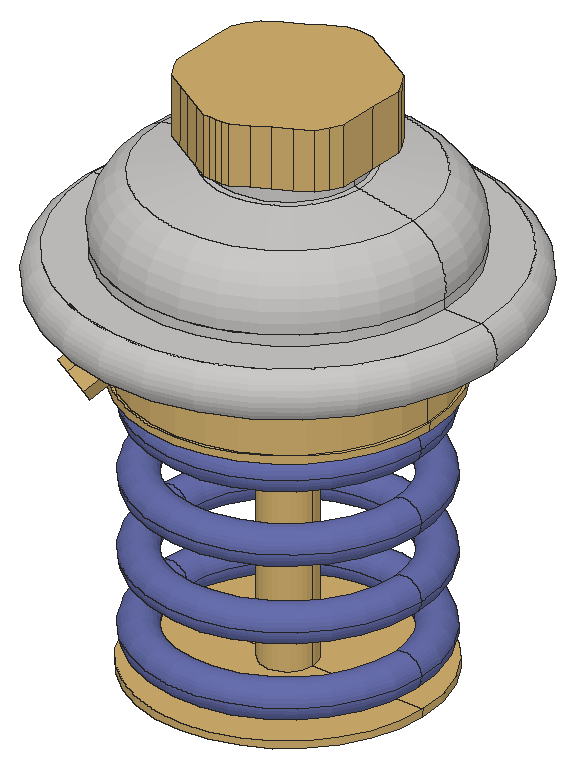
Revit family "AVA_AVD_Actuator_PN25_RFA_1", category Pipe Accessories, Revit 2019
Family settings
  Round Connector Dimension = Use Diameter
  Part Type = Normal
  OmniClass Number = 23.65.55.14.17
  OmniClass Title = Adjusting/Controlling Valves for Liquid Services
  Work Plane-Based = No
  Always vertical = Yes
  Cut with Voids When Loaded = No
  Shared = No
Parameters (values of type "AVA_AVD_Actuator_PN25_dP1-5bar_003H6844")
  W = L  # 125 mm
  L = 125 mm  # constant formula
  IfcExportType = "AVA_AVD_Actuator"  # constant formula
  IfcExportAs = "IfcValveType"  # constant formula
  Higher dP_LOD 200 [instance] = if(and(LOD 200, Higher dP), 1 = 1, 1 = 0)  # no
  Higher dP = no
  Lower dP_LOD 350 [instance] = if(and(LOD 350, Lower dP), 1 = 1, 1 = 0)  # yes
  Lower dP = yes
  Higher dP_LOD 350 [instance] = if(and(LOD 350, Higher dP), 1 = 1, 1 = 0)  # no
  URL = "https://store.danfoss.com/en/search/?q=003H684%3Arelevance%3Adanfoss_a50311485896%3ATA6_2941856&text=003H684"
  Spring Colour = Danfoss Steel Paint Blue (Spring)
  Nominal Pressure = "PN 25"  # constant formula
  Model Type = "AVA_AVD_Actuator_PN25_dP1-5bar"
  Model = "003H6844"
  Manufacturer = "Danfoss"  # constant formula
  Lower dP_LOD 200 [instance] = if(and(LOD 200, Lower dP), 1 = 1, 1 = 0)  # no
  LOD 350 [instance] = not(LOD 200)  # yes
  LOD 200 [instance] = no
  H = 155.7 mm
  Differential Pressure Setting Range = "1-5 bar"
  Description = "Spring Actuator"  # constant formula
  Body Material = Danfoss Stainless Steel
  Actuator size = 54.0 cm²  # constant formula
Types (2, lengths in mm): name | Higher dP | Lower dP_LOD 350 | Lower dP | Higher dP_LOD 350 | Spring Colour | Model Type | Model | H | Differential Pressure Setting Range
  AVA_AVD_Actuator_PN25_dP1-5bar_003H6844 | no | yes | yes | no | Danfoss Steel Paint Blue (Spring) | "AVA_AVD_Actuator_PN25_dP1-5bar" | "003H6844" | 155.7 | "1-5 bar"
  AVA_AVD_Actuator_PN25_dP3-12bar_003H6845 | yes | no | no | yes | Danfoss Steel Paint Black (Spring) | "AVA_AVD_Actuator_PN25_dP3-12bar" | "003H6845" | 200.2 | "3-12 bar"
Reference planes
  plane 1 "Center (Front/Back)": y = 0
  plane 2: z = 0
  plane 3 "Center (Left/Right)": x = 0
  plane 4: through (-46.988, -1524, -65.521) normal (-0.6149, 0, 0.7886)
  plane 5: through (-56.101, -1524, -66.25) normal (-0.7886, 0, -0.6149)
  plane 6 "4": z = -86.2
  plane 7 "3": z = -106.2
  plane 8 "2": z = -126.96
  plane 9 "1": z = -147.261
  plane 10: z = -80.2
  plane 11: z = -155.7
  plane 12 "30": through (0, 0, 1200) normal (0.866, -0.5, 0)
  plane 13 "5": z = -167.261
  plane 14 "6": z = -193.261
  plane 15: z = -162.7
  plane 16: z = -168.6
  plane 17: z = -157.7
  plane 18 "60": through (0, 0, 1200) normal (0.5, 0.866, 0)
Forms (mm)
  Extrusion 1, solid, material "Danfoss Brass", visible <- "LOD 350", detail levels fine
    sketch origin (0, 0, 0) x (1, 0, 0) y (0, 1, 0)
      loop
        line (21.332, 16.552) -> (16.901, 19.11) -> (12.5, 21.651) -> (8.1, 24.191) -> (3.668, 26.75) -> (1.838, 26.937) -> (0, 27) -> (-1.838, 26.937) -> (-3.668, 26.75) -> (-8.099, 24.191) -> (-12.5, 21.651) -> (-16.9, 19.11) -> (-21.332, 16.552) -> (-23.383, 13.5) -> (-25, 10.198) -> (-25, 5.081) -> (-25, 0) -> (-25, -5.081) -> (-25, -10.198) -> (-23.383, -13.5) -> (-21.332, -16.552) -> (-16.901, -19.11) -> (-12.5, -21.651) -> (-8.1, -24.191) -> (-3.668, -26.75) -> (-1.838, -26.937) -> (0, -27) -> (1.838, -26.937) -> (3.668, -26.75) -> (8.099, -24.191) -> (12.5, -21.651) -> (16.9, -19.11) -> (21.332, -16.552) -> (23.383, -13.5) -> (25, -10.198) -> (25, 0.539) -> (25, 10.198) -> (23.383, 13.5) -> (21.332, 16.552)
    from -16.5 to 0
  Revolve 2, solid, material "Danfoss Stainless Steel" <- "Body Material", visible <- "LOD 350", detail levels fine
    sketch origin (0, 0, 0) x (1, 0, 0) y (0, 0, 1)
      loop
        line (0, -16.5) -> (0, -59.751) -> (57.927, -59.751)
        arc (57.927, -59.751) -> (62.596, -52.975) -> (57.927, -46.2) r 7.251
        line (57.927, -46.2) -> (46.846, -46.2) -> (46.846, -43.372)
        arc (46.846, -43.372) -> (45.469, -32.934) -> (37.834, -25.685) r 15.784
        line (37.834, -25.685) -> (21.552, -22.814) -> (20.005, -22.7) -> (20.005, -16.5) -> (0, -16.5)
      axis (0, -59.751) -> (0, -16.5)
    angle from 0 to 360
  Extrusion 3, solid, material "Danfoss Brass", visible <- "LOD 200", detail levels fine
    sketch origin (0, 0, 0) x (1, 0, 0) y (0, 1, 0)
      loop
        circle (0, 0) r 25
    from -16.5 to 0
  Extrusion 4, solid, material "Danfoss Steel Paint Blue (Spring)" <- "Spring Colour", visible <- "LOD 200", detail levels fine
    sketch origin (0, 0, 0) x (1, 0, 0) y (0, 1, 0)
      loop
        circle (0, 0) r 40
    from -155.7 to -80.2
  Revolve 5, solid, material "Danfoss Stainless Steel" <- "Body Material", visible <- "LOD 200", detail levels fine
    sketch origin (0, 0, 0) x (1, 0, 0) y (0, 0, 1)
      loop
        line (0, -16.5) -> (0, -59.7) -> (62.546, -59.7) -> (62.546, -46.143) -> (46.526, -46.143) -> (46.526, -35.139) -> (37.103, -25.715) -> (20.005, -22.7) -> (20.005, -16.5) -> (0, -16.5)
      axis (0, -16.5) -> (0, -59.7)
    angle from 0 to 360
  Revolve 6, solid, material "Danfoss Brass", visible <- "LOD 350", detail levels fine
    sketch origin (0, 0, 0) x (1, 0, 0) y (0, 0, 1)
      loop
        line (52.322, -59.751) -> (0, -59.751) -> (0, -80.2) -> (42.64, -80.2) -> (42.64, -78.2) -> (41.844, -78.2) -> (41.844, -66.843) -> (42.341, -65.477) -> (52.322, -59.751)
      axis (0, -59.751) -> (0, -80.2)
    angle from 0 to 360
  Revolve 7, solid, material "Danfoss Brass", detail levels fine
    sketch origin (0, 0, 0) x (1, 0, 0) y (0, 0, 1)
      loop
        line (0, -157.7) -> (40.5, -157.7) -> (40.5, -155.7) -> (7.398, -155.7) -> (7.398, -80.2) -> (0, -80.2) -> (0, -157.7)
      axis (0, -80.2) -> (0, -157.7)
    angle from 0 to 360
  Sweep 8, solid, material "Danfoss Steel Paint Blue (Spring)" <- "Spring Colour", visible <- "LOD 350", detail levels fine
    path origin (0, 0, -147.261) x (-1, 0, 0) y (0, -1, 0)
      loop
        circle (0, 0) r 35
    profile origin (0, 35, -147.261) x (0, -1, 0) y (0, 0, 1)
      loop
        circle (0, 0) r 5
  Sweep 9, solid, material "Danfoss Steel Paint Blue (Spring)" <- "Spring Colour", visible <- "LOD 350", detail levels fine
    path origin (0, 0, -126.96) x (-1, 0, 0) y (0, -1, 0)
      loop
        circle (0, 0) r 35
    profile origin (0, 35, -126.96) x (0, -1, 0) y (0, 0, 1)
      loop
        circle (0, 0) r 5
  Sweep 10, solid, material "Danfoss Steel Paint Blue (Spring)" <- "Spring Colour", visible <- "LOD 350", detail levels fine
    path origin (0, 0, -106.2) x (-1, 0, 0) y (0, -1, 0)
      loop
        circle (0, 0) r 35
    profile origin (0, 35, -106.2) x (0, -1, 0) y (0, 0, 1)
      loop
        circle (0, 0) r 5
  Sweep 11, solid, material "Danfoss Steel Paint Blue (Spring)" <- "Spring Colour", visible <- "LOD 350", detail levels fine
    path origin (0, 0, -86.2) x (-1, 0, 0) y (0, -1, 0)
      loop
        circle (0, 0) r 35
    profile origin (0, 35, -86.2) x (0, -1, 0) y (0, 0, 1)
      loop
        circle (0, 0) r 5
  Revolve 12, solid, material "Danfoss Brass", visible <- "LOD 200", detail levels fine
    sketch origin (0, 0, 0) x (1, 0, 0) y (0, 0, 1)
      loop
        line (52.322, -59.751) -> (0, -59.751) -> (0, -80.2) -> (42.64, -80.2) -> (42.64, -78.2) -> (52.322, -59.751)
      axis (0, -59.751) -> (0, -80.2)
    angle from 0 to 360
  Sweep 13, solid, material "Danfoss Brass", visible <- "Lower dP_LOD 350", detail levels fine
    path origin (0, 0, 0) x (0.5, 0.866025, 0) y (0, 0, 1)
      loop
        line (-53.649, -70.733) -> (-37.434, -60.203)
    profile origin (-22.771, -39.44, -65.468) x (-0.27232, -0.471671, 0.838671) y (0.866025, -0.5, 0)
      loop
        line (0, 6.014) -> (-5.208, 3.007) -> (-5.208, -3.007) -> (0, -6.014) -> (5.208, -3.007) -> (5.208, 3.007) -> (0, 6.014)
  Sweep 14, solid, material "Danfoss Brass", visible <- "Lower dP_LOD 200", detail levels fine
    path origin (0, 0, 0) x (0.5, 0.866025, 0) y (0, 0, 1)
      loop
        line (-53.649, -70.733) -> (-37.434, -60.203)
    profile origin (-22.771, -39.44, -65.468) x (-0.27232, -0.471671, 0.838671) y (0.866025, -0.5, 0)
      loop
        circle (0, 0) r 6.5
  Sweep 15, solid, material "Danfoss Steel Paint Blue (Spring)" <- "Spring Colour", visible <- "Higher dP_LOD 350", detail levels fine
    path origin (0, 0, -167.261) x (-1, 0, 0) y (0, -1, 0)
      loop
        circle (0, 0) r 35
    profile origin (0, -35, -167.261) x (0, 1, 0) y (0, 0, 1)
      loop
        circle (0, 0) r 5
  Sweep 16, solid, material "Danfoss Steel Paint Blue (Spring)" <- "Spring Colour", visible <- "Higher dP_LOD 350", detail levels fine
    path origin (0, 0, -193.261) x (-1, 0, 0) y (0, -1, 0)
      loop
        circle (0, 0) r 35
    profile origin (0, -35, -193.261) x (0, 1, 0) y (0, 0, 1)
      loop
        circle (0, 0) r 5
  Extrusion 17, solid, material "Danfoss Brass", visible <- "Higher dP_LOD 350", detail levels fine
    sketch origin (0, 0, 0) x (1, 0, 0) y (0, 1, 0)
      loop
        line (-6.351, 11) -> (-12.702, 0) -> (-6.351, -11) -> (6.351, -11) -> (12.702, 0) -> (6.351, 11) -> (-6.351, 11)
    from -162.7 to -157.7
  Extrusion 18, solid, material "Danfoss Brass", visible <- "Higher dP", detail levels fine
    sketch origin (0, 0, 0) x (1, 0, 0) y (0, 1, 0)
      loop
        circle (0, 0) r 5.003
    from -168.6 to -162.7
  Sweep 19, solid, material "Danfoss Brass", visible <- "Higher dP_LOD 200", detail levels fine
    path origin (0, 0, 0) x (-0.866025, 0.5, 0) y (0, 0, 1)
      loop
        line (-70.072, -82.149) -> (-48.629, -66.57)
    profile origin (51.399, -29.675, -74.36) x (0.509037, -0.293893, 0.809017) y (0.5, 0.866025, 0)
      loop
        circle (0, 0) r 6.668
  Sweep 20, solid, material "Danfoss Brass", visible <- "Higher dP_LOD 350", detail levels fine
    path origin (0, 0, 0) x (-0.866025, 0.5, 0) y (0, 0, 1)
      loop
        line (-70.122, -82.077) -> (-64.797, -78.349)
    profile origin (58.422, -33.73, -80.213) x (0.496732, -0.286788, 0.819152) y (0.5, 0.866025, 0)
      loop
        line (6.138, 1.645) -> (1.645, 6.138) -> (-4.493, 4.493) -> (-6.138, -1.645) -> (-1.645, -6.138) -> (4.493, -4.493) -> (6.138, 1.645)
  Sweep 21, solid, material "Danfoss Brass", visible <- "Higher dP_LOD 350", detail levels fine
    path origin (0, 0, 0) x (-0.866025, 0.5, 0) y (0, 0, 1)
      loop
        line (-64.797, -78.349) -> (-57.055, -72.928)
    profile origin (52.764, -30.463, -75.638) x (0.496732, -0.286788, 0.819152) y (0.5, 0.866025, 0)
      loop
        line (6.606, 1.525) -> (1.982, 6.483) -> (-4.624, 4.958) -> (-6.606, -1.525) -> (-1.982, -6.483) -> (4.624, -4.958) -> (6.606, 1.525)
  Sweep 22, solid, material "Danfoss Brass", visible <- "Higher dP_LOD 350", detail levels fine
    path origin (0, 0, 0) x (-0.866025, 0.5, 0) y (0, 0, 1)
      loop
        line (-57.055, -72.928) -> (-54.03, -70.809)
    profile origin (48.101, -27.771, -71.869) x (0.496732, -0.286788, 0.819152) y (0.5, 0.866025, 0)
      loop
        circle (0, 0) r 4.5
  Sweep 23, solid, material "Danfoss Brass", visible <- "Higher dP_LOD 350", detail levels fine
    path origin (0, 0, 0) x (-0.866025, 0.5, 0) y (0, 0, 1)
      loop
        line (-54.33, -70.632) -> (-51.094, -68.281)
    profile origin (45.65, -26.356, -69.457) x (0.509037, -0.293893, 0.809017) y (0.5, 0.866025, 0)
      loop
        line (7.433, 1.716) -> (2.23, 7.295) -> (-5.202, 5.579) -> (-7.433, -1.716) -> (-2.23, -7.295) -> (5.202, -5.579) -> (7.433, 1.716)
  Sweep 24, solid, material "Danfoss Brass", visible <- "Higher dP_LOD 350", detail levels fine
    path origin (0, 0, 0) x (-0.866025, 0.5, 0) y (0, 0, 1)
      loop
        line (-51.094, -68.281) -> (-39.634, -60.838)
    profile origin (39.286, -22.682, -64.56) x (0.471671, -0.27232, 0.838671) y (0.5, 0.866025, 0)
      loop
        circle (0, 1.169) r 7
  Extrusion 25, solid, material "Danfoss Brass", visible <- "Higher dP_LOD 200", detail levels fine
    sketch origin (0, 0, -193.261) x (-1, 0, 0) y (0, -1, 0)
      loop
        circle (0, 0) r 12.702
    from 30.561 to 35.561
Dimensions and locks
  locked: plane 10 to plane 6 "4" at 6
  "H": level to plane 11
  locked: plane 11 to plane 15 at 7
  locked: plane 11 to plane 16 at 12.9
  locked: plane 11 to plane 17 at 2
  radius of Extrusion 25 sketch curve = 12.702 mm
  aligned and locked: level to plane 2
  aligned and locked: Extrusion 4 to plane 10
  aligned and locked: plane 11 to Extrusion 4
  aligned and locked: plane 17 to Extrusion 17
  aligned and locked: Extrusion 17 to plane 15
  aligned and locked: Extrusion 18 to plane 16
  aligned and locked: plane 15 to Extrusion 18
  aligned and locked: plane 3 "Center (Left/Right)" to Extrusion 25 sketch curve
  aligned and locked: plane 1 "Center (Front/Back)" to Extrusion 25 sketch curve
  aligned and locked: Extrusion 25 to Extrusion 17
  aligned and locked: plane 17 to Extrusion 25
Automatic sketch dimensions
  plane 1 "Center (Front/Back)" to Extrusion 1 sketch curve = 0 mm
  Extrusion 1 sketch curve to plane 3 "Center (Left/Right)" = 0 mm  (x2)
  Extrusion 1 sketch curve to plane 3 "Center (Left/Right)" = 1.838 mm  (x2)
  Extrusion 1 sketch curve to Extrusion 1 sketch curve = 1.83 mm  (x4)
  Extrusion 1 sketch curve to Extrusion 1 sketch curve = 4.431 mm  (x4)
  Extrusion 1 sketch curve to Extrusion 1 sketch curve = 4.401 mm  (x3)
  Extrusion 1 sketch curve to Extrusion 1 sketch curve = 8.832 mm  (x2)
  Extrusion 1 sketch curve to Extrusion 1 sketch curve = 2.051 mm  (x4)
  Extrusion 1 sketch curve to Extrusion 1 sketch curve = 1.617 mm  (x2)
  plane 3 "Center (Left/Right)" to Extrusion 1 sketch curve = 1.838 mm  (x2)
  Extrusion 1 sketch curve to Extrusion 1 sketch curve = 4.432 mm  (x2)
  Extrusion 1 sketch curve to Extrusion 1 sketch curve = 4.4 mm  (x4)
  Extrusion 1 sketch curve to Extrusion 1 sketch curve = 8.801 mm
  Extrusion 1 sketch curve to plane 1 "Center (Front/Back)" = 0.539 mm
  plane 1 "Center (Front/Back)" to Extrusion 1 sketch curve = 5.081 mm
  plane 1 "Center (Front/Back)" to Extrusion 1 sketch curve = 10.198 mm
  Extrusion 1 sketch curve to Extrusion 1 sketch curve = 5.117 mm  (x2)
  Extrusion 1 sketch curve to Extrusion 1 sketch curve = 3.302 mm  (x4)
  Extrusion 1 sketch curve to Extrusion 1 sketch curve = 3.052 mm  (x4)
  Extrusion 1 sketch curve to Extrusion 1 sketch curve = 2.558 mm  (x4)
  Extrusion 1 sketch curve to Extrusion 1 sketch curve = 2.559 mm  (x2)
  Extrusion 1 sketch curve to Extrusion 1 sketch curve = 2.541 mm  (x3)
  Extrusion 1 sketch curve to Extrusion 1 sketch curve = 5.081 mm  (x2)
  Extrusion 1 sketch curve to Extrusion 1 sketch curve = 0 mm  (x7)
  Extrusion 1 sketch curve to Extrusion 1 sketch curve = 0.188 mm  (x4)
  Extrusion 1 sketch curve to Extrusion 1 sketch curve = 0.063 mm  (x2)
  Extrusion 1 sketch curve to Extrusion 1 sketch curve = 9.659 mm
  Extrusion 1 sketch curve to Extrusion 1 sketch curve = 5.099 mm
  Extrusion 1 sketch curve to Extrusion 1 sketch curve = 2.54 mm  (x4)
  Revolve 2 sketch curve to plane 3 "Center (Left/Right)" = 0 mm  (x2)
  plane 3 "Center (Left/Right)" to Revolve 2 sketch curve = 20.005 mm
  Revolve 2 sketch curve to Revolve 2 sketch curve = 1.548 mm
  Revolve 2 sketch curve to Revolve 2 sketch curve = 9.853 mm
  Revolve 2 sketch curve to level = 25.685 mm
  Revolve 2 sketch curve to Revolve 2 sketch curve = 6.429 mm
  Revolve 2 sketch curve to Revolve 2 sketch curve = 15.441 mm
  Revolve 2 sketch curve to Revolve 2 sketch curve = 8.498 mm
  Revolve 2 sketch curve to Revolve 2 sketch curve = 2.583 mm  (x2)
  Revolve 2 sketch curve to Revolve 2 sketch curve = 14.415 mm
  Revolve 2 sketch curve to Revolve 2 sketch curve = 2.828 mm
  Revolve 2 sketch curve to Revolve 2 sketch curve = 6.775 mm
  Revolve 2 sketch curve to Revolve 2 sketch curve = 2.871 mm
  Revolve 2 sketch curve to Revolve 2 sketch curve = 0.114 mm
  Revolve 2 sketch curve to level = 16.5 mm
  Revolve 2 sketch curve to Revolve 2 sketch curve = 0 mm  (x2)
  plane 1 "Center (Front/Back)" to Extrusion 3 sketch curve = 0 mm
  Extrusion 3 sketch curve to plane 3 "Center (Left/Right)" = 0 mm
  plane 1 "Center (Front/Back)" to Extrusion 4 sketch curve = 0 mm
  Extrusion 4 sketch curve to plane 3 "Center (Left/Right)" = 0 mm
  Revolve 5 sketch curve to plane 3 "Center (Left/Right)" = 0 mm  (x2)
  plane 3 "Center (Left/Right)" to Revolve 5 sketch curve = 20.005 mm
  Revolve 5 sketch curve to Revolve 5 sketch curve = 17.098 mm
  Revolve 5 sketch curve to Revolve 5 sketch curve = 9.424 mm  (x2)
  Revolve 5 sketch curve to Revolve 5 sketch curve = 16.02 mm
  Revolve 5 sketch curve to plane 10 = 20.5 mm
  Revolve 5 sketch curve to Revolve 5 sketch curve = 13.557 mm
  Revolve 5 sketch curve to Revolve 5 sketch curve = 11.005 mm
  Revolve 5 sketch curve to Revolve 5 sketch curve = 3.015 mm
  Revolve 5 sketch curve to level = 16.5 mm
  Revolve 5 sketch curve to Revolve 5 sketch curve = 0 mm  (x2)
  Revolve 6 sketch curve to plane 3 "Center (Left/Right)" = 0 mm  (x2)
  Revolve 6 sketch curve to plane 10 = 0 mm  (x2)
  Revolve 6 sketch curve to plane 10 = 13.357 mm
  plane 3 "Center (Left/Right)" to Revolve 6 sketch curve = 41.844 mm
  Revolve 6 sketch curve to plane 10 = 14.723 mm
  Revolve 6 sketch curve to Revolve 6 sketch curve = 0.497 mm
  Revolve 6 sketch curve to Revolve 6 sketch curve = 0.796 mm
  Revolve 6 sketch curve to plane 10 = 20.449 mm
  Revolve 6 sketch curve to Revolve 6 sketch curve = 9.981 mm
  Revolve 6 sketch curve to Revolve 6 sketch curve = 2 mm
  Revolve 6 sketch curve to Revolve 6 sketch curve = 0 mm
  Revolve 7 sketch curve to plane 3 "Center (Left/Right)" = 0 mm  (x2)
  Revolve 7 sketch curve to plane 10 = 0 mm  (x2)
  Revolve 7 sketch curve to plane 11 = 0 mm
  plane 3 "Center (Left/Right)" to Revolve 7 sketch curve = 7.398 mm
  plane 11 to Revolve 7 sketch curve = 2 mm
  Revolve 7 sketch curve to Revolve 7 sketch curve = 33.101 mm
  Revolve 7 sketch curve to Revolve 7 sketch curve = 0 mm
  plane 1 "Center (Front/Back)" to Sweep 8 sketch curve = 0 mm
  Sweep 8 sketch curve to plane 3 "Center (Left/Right)" = 0 mm
  Sweep 8 sketch curve to plane 9 "1" = 0 mm
  Sweep 8 sketch curve to profile plane = 0 mm
  plane 1 "Center (Front/Back)" to Sweep 9 sketch curve = 0 mm
  Sweep 9 sketch curve to plane 3 "Center (Left/Right)" = 0 mm
  Sweep 9 sketch curve to plane 8 "2" = 0 mm
  Sweep 9 sketch curve to profile plane = 0 mm
  plane 1 "Center (Front/Back)" to Sweep 10 sketch curve = 0 mm
  Sweep 10 sketch curve to plane 3 "Center (Left/Right)" = 0 mm
  Sweep 10 sketch curve to plane 7 "3" = 0 mm
  Sweep 10 sketch curve to profile plane = 0 mm
  plane 1 "Center (Front/Back)" to Sweep 11 sketch curve = 0 mm
  Sweep 11 sketch curve to plane 3 "Center (Left/Right)" = 0 mm
  Sweep 11 sketch curve to plane 6 "4" = 0 mm
  Sweep 11 sketch curve to profile plane = 0 mm
  Revolve 12 sketch curve to plane 3 "Center (Left/Right)" = 0 mm  (x2)
  Revolve 12 sketch curve to plane 10 = 0 mm  (x2)
  plane 3 "Center (Left/Right)" to Revolve 12 sketch curve = 42.64 mm
  Revolve 12 sketch curve to plane 10 = 20.449 mm
  Revolve 12 sketch curve to Revolve 12 sketch curve = 9.683 mm
  Revolve 12 sketch curve to Revolve 12 sketch curve = 2 mm
  Revolve 12 sketch curve to Revolve 12 sketch curve = 0 mm
  Sweep 13 sketch curve to plane 10 = 9.467 mm
  Sweep 13 sketch curve to plane 10 = 19.997 mm
  Sweep 13 sketch curve to Sweep 13 sketch curve = 16.215 mm
  Sweep 13 sketch curve to profile plane = 0 mm  (x2)
  profile plane to Sweep 13 sketch curve = 5.208 mm
  Sweep 13 sketch curve to profile plane = 5.208 mm
  Sweep 13 sketch curve to plane 12 "30" = 6.014 mm
  Sweep 13 sketch curve to plane 12 "30" = 3.007 mm  (x2)
  plane 12 "30" to Sweep 13 sketch curve = 3.007 mm  (x2)
  Sweep 13 sketch curve to Sweep 13 sketch curve = 3.007 mm
  Sweep 14 sketch curve to plane 10 = 9.467 mm
  Sweep 14 sketch curve to plane 10 = 19.997 mm
  Sweep 14 sketch curve to Sweep 14 sketch curve = 16.215 mm
  plane 12 "30" to Sweep 14 sketch curve = 0 mm
  Sweep 14 sketch curve to profile plane = 0 mm
  plane 1 "Center (Front/Back)" to Sweep 15 sketch curve = 0 mm
  Sweep 15 sketch curve to plane 3 "Center (Left/Right)" = 0 mm
  Sweep 15 sketch curve to plane 13 "5" = 0 mm
  Sweep 15 sketch curve to profile plane = 0 mm
  plane 1 "Center (Front/Back)" to Sweep 16 sketch curve = 0 mm
  Sweep 16 sketch curve to plane 3 "Center (Left/Right)" = 0 mm
  Sweep 16 sketch curve to plane 14 "6" = 0 mm
  Sweep 16 sketch curve to profile plane = 0 mm
  plane 1 "Center (Front/Back)" to Extrusion 18 sketch curve = 0 mm
  Extrusion 18 sketch curve to plane 3 "Center (Left/Right)" = 0 mm
  plane 10 to Sweep 19 sketch curve = 1.949 mm
  plane 12 "30" to Sweep 19 sketch curve = 70.072 mm
  Sweep 19 sketch curve to plane 10 = 13.63 mm
  Sweep 19 sketch curve to Sweep 19 sketch curve = 21.442 mm
  Sweep 19 sketch curve to plane 18 "60" = 0 mm
  Sweep 19 sketch curve to profile plane = 0 mm
  plane 10 to Sweep 20 sketch curve = 1.877 mm
  plane 12 "30" to Sweep 20 sketch curve = 70.122 mm
  Sweep 20 sketch curve to plane 10 = 1.851 mm
  Sweep 20 sketch curve to Sweep 20 sketch curve = 5.324 mm
  Sweep 21 sketch curve to plane 10 = 1.851 mm
  plane 12 "30" to Sweep 21 sketch curve = 64.797 mm
  Sweep 21 sketch curve to plane 10 = 7.272 mm
  Sweep 21 sketch curve to Sweep 21 sketch curve = 7.742 mm
  Sweep 22 sketch curve to plane 10 = 7.272 mm
  plane 12 "30" to Sweep 22 sketch curve = 57.055 mm
  Sweep 22 sketch curve to plane 10 = 9.391 mm
  Sweep 22 sketch curve to Sweep 22 sketch curve = 3.025 mm
  Sweep 22 sketch curve to plane 18 "60" = 0 mm
  Sweep 22 sketch curve to profile plane = 0 mm
  Sweep 23 sketch curve to plane 10 = 9.568 mm
  plane 12 "30" to Sweep 23 sketch curve = 54.33 mm
  Sweep 23 sketch curve to plane 10 = 11.919 mm
  Sweep 23 sketch curve to Sweep 23 sketch curve = 3.237 mm
  Sweep 24 sketch curve to profile plane = 0 mm
  plane 18 "60" to Sweep 24 sketch curve = 1.169 mm
  Sweep 24 sketch curve to plane 10 = 11.919 mm
  plane 12 "30" to Sweep 24 sketch curve = 51.094 mm
  Sweep 24 sketch curve to plane 10 = 19.362 mm
  Sweep 24 sketch curve to Sweep 24 sketch curve = 11.46 mm
  radius of Extrusion 3 sketch curve = 25 mm
  radius of Extrusion 4 sketch curve = 40 mm
  radius of Sweep 8 sketch curve = 35 mm
  radius of Sweep 8 sketch curve = 5 mm
  radius of Sweep 9 sketch curve = 35 mm
  radius of Sweep 9 sketch curve = 5 mm
  radius of Sweep 10 sketch curve = 35 mm
  radius of Sweep 10 sketch curve = 5 mm
  radius of Sweep 11 sketch curve = 35 mm
  radius of Sweep 11 sketch curve = 5 mm
  radius of Sweep 14 sketch curve = 6.5 mm
  radius of Sweep 15 sketch curve = 35 mm
  radius of Sweep 15 sketch curve = 5 mm
  radius of Sweep 16 sketch curve = 35 mm
  radius of Sweep 16 sketch curve = 5 mm
  radius of Extrusion 18 sketch curve = 5.003 mm
  radius of Sweep 19 sketch curve = 6.668 mm
  radius of Sweep 22 sketch curve = 4.5 mm
  radius of Sweep 24 sketch curve = 7 mm
